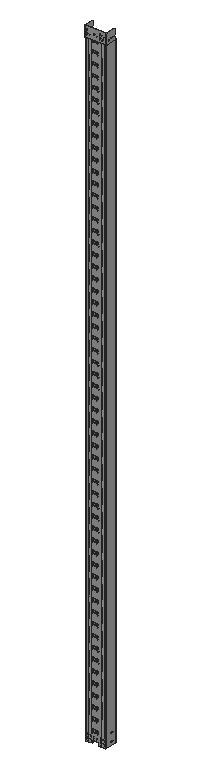
Revit family "Kabelrinne MKSM- MKSM 610 FS", category Generic Models, Revit 2017 (continued)
Forms (mm)
  Extrusion 123, void
    sketch origin (0, 0, 2643.465) x (1, 0, 0) y (0, 0, 1)
      loop
        arc (-33.825, 116.225) -> (-31, 113.4) -> (-28.175, 116.225) r 2.825
        line (-28.175, 116.225) -> (-28.175, 188.775)
        arc (-28.175, 188.775) -> (-31, 191.6) -> (-33.825, 188.775) r 2.825
        line (-33.825, 188.775) -> (-33.825, 116.225)
    from -1 to 3.839
  Extrusion 124, void
    sketch origin (0, 0, 2745.137) x (1, 0, 0) y (0, 0, 1)
      loop
        arc (-33.825, 116.225) -> (-31, 113.4) -> (-28.175, 116.225) r 2.825
        line (-28.175, 116.225) -> (-28.175, 188.775)
        arc (-28.175, 188.775) -> (-31, 191.6) -> (-33.825, 188.775) r 2.825
        line (-33.825, 188.775) -> (-33.825, 116.225)
    from -1 to 3.839
  Extrusion 125, void
    sketch origin (0, 0, 0) x (1, 0, 0) y (0, 0, 1)
      loop
        line (38, 29.85) -> (38, 36.35) -> (24, 36.35) -> (24, 29.85) -> (38, 29.85)
      loop
        line (38, 20.35) -> (24, 20.35) -> (24, 13.85) -> (38, 13.85) -> (38, 20.35)
    from -1 to 3.839
  Extrusion 126, void
    sketch origin (0, 0, 0) x (-1, 0, 0) y (0, 0, -1)
      loop
        line (38, -29.85) -> (24, -29.85) -> (24, -36.35) -> (38, -36.35) -> (38, -29.85)
      loop
        line (38, -20.35) -> (38, -13.85) -> (24, -13.85) -> (24, -20.35) -> (38, -20.35)
    from -1 to 3.839
  Extrusion 127, void
    sketch origin (0, 0, 0) x (1, 0, 0) y (0, 0, 1)
      loop
        arc (-5.988, 30.1) -> (-7.041, 29.047) -> (-5.988, 27.993) r 1.053
        line (-5.988, 27.993) -> (2.979, 27.1)
        arc (2.979, 27.1) -> (4.979, 25.1) -> (2.979, 23.1) r 2
        line (2.979, 23.1) -> (-5.986, 22.207)
        arc (-5.986, 22.207) -> (-7.04, 21.153) -> (-5.986, 20.1) r 1.053
        line (-5.986, 20.1) -> (6.032, 20.1)
        arc (6.032, 20.1) -> (6.74, 20.393) -> (7.032, 21.1) r 1
        line (7.032, 21.1) -> (7.032, 29.1)
        arc (7.032, 29.1) -> (6.74, 29.807) -> (6.032, 30.1) r 1
        line (6.032, 30.1) -> (-5.988, 30.1)
    from 0 to -1
  Extrusion 128, void
    sketch origin (0, 0, 0) x (0, 1, 0) y (0, 0, 1)
      loop
        line (14.722, 69.75) -> (14.722, 82.75)
        arc (14.722, 82.75) -> (11.222, 86.25) -> (7.722, 82.75) r 3.5
        line (7.722, 82.75) -> (7.722, 69.75)
        arc (7.722, 69.75) -> (11.222, 66.25) -> (14.722, 69.75) r 3.5
      loop
        line (39.722, 69.75) -> (39.722, 82.75)
        arc (39.722, 82.75) -> (36.222, 86.25) -> (32.722, 82.75) r 3.5
        line (32.722, 82.75) -> (32.722, 69.75)
        arc (32.722, 69.75) -> (36.222, 66.25) -> (39.722, 69.75) r 3.5
    from -49 to -50
  Extrusion 129, void
    sketch origin (0, 0, 50.789) x (0, 1, 0) y (0, 0, 1)
      loop
        line (14.722, 69.75) -> (14.722, 82.75)
        arc (14.722, 82.75) -> (11.222, 86.25) -> (7.722, 82.75) r 3.5
        line (7.722, 82.75) -> (7.722, 69.75)
        arc (7.722, 69.75) -> (11.222, 66.25) -> (14.722, 69.75) r 3.5
      loop
        line (39.722, 69.75) -> (39.722, 82.75)
        arc (39.722, 82.75) -> (36.222, 86.25) -> (32.722, 82.75) r 3.5
        line (32.722, 82.75) -> (32.722, 69.75)
        arc (32.722, 69.75) -> (36.222, 66.25) -> (39.722, 69.75) r 3.5
    from -49 to -50
  Extrusion 130, void
    sketch origin (0, 0, 101.577) x (0, 1, 0) y (0, 0, 1)
      loop
        line (14.722, 69.75) -> (14.722, 82.75)
        arc (14.722, 82.75) -> (11.222, 86.25) -> (7.722, 82.75) r 3.5
        line (7.722, 82.75) -> (7.722, 69.75)
        arc (7.722, 69.75) -> (11.222, 66.25) -> (14.722, 69.75) r 3.5
      loop
        line (39.722, 69.75) -> (39.722, 82.75)
        arc (39.722, 82.75) -> (36.222, 86.25) -> (32.722, 82.75) r 3.5
        line (32.722, 82.75) -> (32.722, 69.75)
        arc (32.722, 69.75) -> (36.222, 66.25) -> (39.722, 69.75) r 3.5
    from -49 to -50
  Extrusion 131, void
    sketch origin (0, 0, 152.366) x (0, 1, 0) y (0, 0, 1)
      loop
        line (14.722, 69.75) -> (14.722, 82.75)
        arc (14.722, 82.75) -> (11.222, 86.25) -> (7.722, 82.75) r 3.5
        line (7.722, 82.75) -> (7.722, 69.75)
        arc (7.722, 69.75) -> (11.222, 66.25) -> (14.722, 69.75) r 3.5
      loop
        line (39.722, 69.75) -> (39.722, 82.75)
        arc (39.722, 82.75) -> (36.222, 86.25) -> (32.722, 82.75) r 3.5
        line (32.722, 82.75) -> (32.722, 69.75)
        arc (32.722, 69.75) -> (36.222, 66.25) -> (39.722, 69.75) r 3.5
    from -49 to -50
  Extrusion 132, void
    sketch origin (0, 0, 203.155) x (0, 1, 0) y (0, 0, 1)
      loop
        line (14.722, 69.75) -> (14.722, 82.75)
        arc (14.722, 82.75) -> (11.222, 86.25) -> (7.722, 82.75) r 3.5
        line (7.722, 82.75) -> (7.722, 69.75)
        arc (7.722, 69.75) -> (11.222, 66.25) -> (14.722, 69.75) r 3.5
      loop
        line (39.722, 69.75) -> (39.722, 82.75)
        arc (39.722, 82.75) -> (36.222, 86.25) -> (32.722, 82.75) r 3.5
        line (32.722, 82.75) -> (32.722, 69.75)
        arc (32.722, 69.75) -> (36.222, 66.25) -> (39.722, 69.75) r 3.5
    from -49 to -50
  Extrusion 133, void
    sketch origin (0, 0, 253.943) x (0, 1, 0) y (0, 0, 1)
      loop
        line (14.722, 69.75) -> (14.722, 82.75)
        arc (14.722, 82.75) -> (11.222, 86.25) -> (7.722, 82.75) r 3.5
        line (7.722, 82.75) -> (7.722, 69.75)
        arc (7.722, 69.75) -> (11.222, 66.25) -> (14.722, 69.75) r 3.5
      loop
        line (39.722, 69.75) -> (39.722, 82.75)
        arc (39.722, 82.75) -> (36.222, 86.25) -> (32.722, 82.75) r 3.5
        line (32.722, 82.75) -> (32.722, 69.75)
        arc (32.722, 69.75) -> (36.222, 66.25) -> (39.722, 69.75) r 3.5
    from -49 to -50
  Extrusion 134, void
    sketch origin (0, 0, 304.732) x (0, 1, 0) y (0, 0, 1)
      loop
        line (14.722, 69.75) -> (14.722, 82.75)
        arc (14.722, 82.75) -> (11.222, 86.25) -> (7.722, 82.75) r 3.5
        line (7.722, 82.75) -> (7.722, 69.75)
        arc (7.722, 69.75) -> (11.222, 66.25) -> (14.722, 69.75) r 3.5
      loop
        line (39.722, 69.75) -> (39.722, 82.75)
        arc (39.722, 82.75) -> (36.222, 86.25) -> (32.722, 82.75) r 3.5
        line (32.722, 82.75) -> (32.722, 69.75)
        arc (32.722, 69.75) -> (36.222, 66.25) -> (39.722, 69.75) r 3.5
    from -49 to -50
  Extrusion 135, void
    sketch origin (0, 0, 355.521) x (0, 1, 0) y (0, 0, 1)
      loop
        line (14.722, 69.75) -> (14.722, 82.75)
        arc (14.722, 82.75) -> (11.222, 86.25) -> (7.722, 82.75) r 3.5
        line (7.722, 82.75) -> (7.722, 69.75)
        arc (7.722, 69.75) -> (11.222, 66.25) -> (14.722, 69.75) r 3.5
      loop
        line (39.722, 69.75) -> (39.722, 82.75)
        arc (39.722, 82.75) -> (36.222, 86.25) -> (32.722, 82.75) r 3.5
        line (32.722, 82.75) -> (32.722, 69.75)
        arc (32.722, 69.75) -> (36.222, 66.25) -> (39.722, 69.75) r 3.5
    from -49 to -50
  Extrusion 136, void
    sketch origin (0, 0, 406.309) x (0, 1, 0) y (0, 0, 1)
      loop
        line (14.722, 69.75) -> (14.722, 82.75)
        arc (14.722, 82.75) -> (11.222, 86.25) -> (7.722, 82.75) r 3.5
        line (7.722, 82.75) -> (7.722, 69.75)
        arc (7.722, 69.75) -> (11.222, 66.25) -> (14.722, 69.75) r 3.5
      loop
        line (39.722, 69.75) -> (39.722, 82.75)
        arc (39.722, 82.75) -> (36.222, 86.25) -> (32.722, 82.75) r 3.5
        line (32.722, 82.75) -> (32.722, 69.75)
        arc (32.722, 69.75) -> (36.222, 66.25) -> (39.722, 69.75) r 3.5
    from -49 to -50
  Extrusion 137, void
    sketch origin (0, 0, 457.098) x (0, 1, 0) y (0, 0, 1)
      loop
        line (14.722, 69.75) -> (14.722, 82.75)
        arc (14.722, 82.75) -> (11.222, 86.25) -> (7.722, 82.75) r 3.5
        line (7.722, 82.75) -> (7.722, 69.75)
        arc (7.722, 69.75) -> (11.222, 66.25) -> (14.722, 69.75) r 3.5
      loop
        line (39.722, 69.75) -> (39.722, 82.75)
        arc (39.722, 82.75) -> (36.222, 86.25) -> (32.722, 82.75) r 3.5
        line (32.722, 82.75) -> (32.722, 69.75)
        arc (32.722, 69.75) -> (36.222, 66.25) -> (39.722, 69.75) r 3.5
    from -49 to -50
  Extrusion 138, void
    sketch origin (0, 0, 507.887) x (0, 1, 0) y (0, 0, 1)
      loop
        line (14.722, 69.75) -> (14.722, 82.75)
        arc (14.722, 82.75) -> (11.222, 86.25) -> (7.722, 82.75) r 3.5
        line (7.722, 82.75) -> (7.722, 69.75)
        arc (7.722, 69.75) -> (11.222, 66.25) -> (14.722, 69.75) r 3.5
      loop
        line (39.722, 69.75) -> (39.722, 82.75)
        arc (39.722, 82.75) -> (36.222, 86.25) -> (32.722, 82.75) r 3.5
        line (32.722, 82.75) -> (32.722, 69.75)
        arc (32.722, 69.75) -> (36.222, 66.25) -> (39.722, 69.75) r 3.5
    from -49 to -50
  Extrusion 139, void
    sketch origin (0, 0, 558.675) x (0, 1, 0) y (0, 0, 1)
      loop
        line (14.722, 69.75) -> (14.722, 82.75)
        arc (14.722, 82.75) -> (11.222, 86.25) -> (7.722, 82.75) r 3.5
        line (7.722, 82.75) -> (7.722, 69.75)
        arc (7.722, 69.75) -> (11.222, 66.25) -> (14.722, 69.75) r 3.5
      loop
        line (39.722, 69.75) -> (39.722, 82.75)
        arc (39.722, 82.75) -> (36.222, 86.25) -> (32.722, 82.75) r 3.5
        line (32.722, 82.75) -> (32.722, 69.75)
        arc (32.722, 69.75) -> (36.222, 66.25) -> (39.722, 69.75) r 3.5
    from -49 to -50
  Extrusion 140, void
    sketch origin (0, 0, 609.464) x (0, 1, 0) y (0, 0, 1)
      loop
        line (14.722, 69.75) -> (14.722, 82.75)
        arc (14.722, 82.75) -> (11.222, 86.25) -> (7.722, 82.75) r 3.5
        line (7.722, 82.75) -> (7.722, 69.75)
        arc (7.722, 69.75) -> (11.222, 66.25) -> (14.722, 69.75) r 3.5
      loop
        line (39.722, 69.75) -> (39.722, 82.75)
        arc (39.722, 82.75) -> (36.222, 86.25) -> (32.722, 82.75) r 3.5
        line (32.722, 82.75) -> (32.722, 69.75)
        arc (32.722, 69.75) -> (36.222, 66.25) -> (39.722, 69.75) r 3.5
    from -49 to -50
  Extrusion 141, void
    sketch origin (0, 0, 660.253) x (0, 1, 0) y (0, 0, 1)
      loop
        line (14.722, 69.75) -> (14.722, 82.75)
        arc (14.722, 82.75) -> (11.222, 86.25) -> (7.722, 82.75) r 3.5
        line (7.722, 82.75) -> (7.722, 69.75)
        arc (7.722, 69.75) -> (11.222, 66.25) -> (14.722, 69.75) r 3.5
      loop
        line (39.722, 69.75) -> (39.722, 82.75)
        arc (39.722, 82.75) -> (36.222, 86.25) -> (32.722, 82.75) r 3.5
        line (32.722, 82.75) -> (32.722, 69.75)
        arc (32.722, 69.75) -> (36.222, 66.25) -> (39.722, 69.75) r 3.5
    from -49 to -50
  Extrusion 142, void
    sketch origin (0, 0, 711.042) x (0, 1, 0) y (0, 0, 1)
      loop
        line (14.722, 69.75) -> (14.722, 82.75)
        arc (14.722, 82.75) -> (11.222, 86.25) -> (7.722, 82.75) r 3.5
        line (7.722, 82.75) -> (7.722, 69.75)
        arc (7.722, 69.75) -> (11.222, 66.25) -> (14.722, 69.75) r 3.5
      loop
        line (39.722, 69.75) -> (39.722, 82.75)
        arc (39.722, 82.75) -> (36.222, 86.25) -> (32.722, 82.75) r 3.5
        line (32.722, 82.75) -> (32.722, 69.75)
        arc (32.722, 69.75) -> (36.222, 66.25) -> (39.722, 69.75) r 3.5
    from -49 to -50
  Extrusion 143, void
    sketch origin (0, 0, 761.83) x (0, 1, 0) y (0, 0, 1)
      loop
        line (14.722, 69.75) -> (14.722, 82.75)
        arc (14.722, 82.75) -> (11.222, 86.25) -> (7.722, 82.75) r 3.5
        line (7.722, 82.75) -> (7.722, 69.75)
        arc (7.722, 69.75) -> (11.222, 66.25) -> (14.722, 69.75) r 3.5
      loop
        line (39.722, 69.75) -> (39.722, 82.75)
        arc (39.722, 82.75) -> (36.222, 86.25) -> (32.722, 82.75) r 3.5
        line (32.722, 82.75) -> (32.722, 69.75)
        arc (32.722, 69.75) -> (36.222, 66.25) -> (39.722, 69.75) r 3.5
    from -49 to -50
  Extrusion 144, void
    sketch origin (0, 0, 812.619) x (0, 1, 0) y (0, 0, 1)
      loop
        line (14.722, 69.75) -> (14.722, 82.75)
        arc (14.722, 82.75) -> (11.222, 86.25) -> (7.722, 82.75) r 3.5
        line (7.722, 82.75) -> (7.722, 69.75)
        arc (7.722, 69.75) -> (11.222, 66.25) -> (14.722, 69.75) r 3.5
      loop
        line (39.722, 69.75) -> (39.722, 82.75)
        arc (39.722, 82.75) -> (36.222, 86.25) -> (32.722, 82.75) r 3.5
        line (32.722, 82.75) -> (32.722, 69.75)
        arc (32.722, 69.75) -> (36.222, 66.25) -> (39.722, 69.75) r 3.5
    from -49 to -50
  Extrusion 145, void
    sketch origin (0, 0, 863.408) x (0, 1, 0) y (0, 0, 1)
      loop
        line (14.722, 69.75) -> (14.722, 82.75)
        arc (14.722, 82.75) -> (11.222, 86.25) -> (7.722, 82.75) r 3.5
        line (7.722, 82.75) -> (7.722, 69.75)
        arc (7.722, 69.75) -> (11.222, 66.25) -> (14.722, 69.75) r 3.5
      loop
        line (39.722, 69.75) -> (39.722, 82.75)
        arc (39.722, 82.75) -> (36.222, 86.25) -> (32.722, 82.75) r 3.5
        line (32.722, 82.75) -> (32.722, 69.75)
        arc (32.722, 69.75) -> (36.222, 66.25) -> (39.722, 69.75) r 3.5
    from -49 to -50
  Extrusion 146, void
    sketch origin (0, 0, 914.196) x (0, 1, 0) y (0, 0, 1)
      loop
        line (14.722, 69.75) -> (14.722, 82.75)
        arc (14.722, 82.75) -> (11.222, 86.25) -> (7.722, 82.75) r 3.5
        line (7.722, 82.75) -> (7.722, 69.75)
        arc (7.722, 69.75) -> (11.222, 66.25) -> (14.722, 69.75) r 3.5
      loop
        line (39.722, 69.75) -> (39.722, 82.75)
        arc (39.722, 82.75) -> (36.222, 86.25) -> (32.722, 82.75) r 3.5
        line (32.722, 82.75) -> (32.722, 69.75)
        arc (32.722, 69.75) -> (36.222, 66.25) -> (39.722, 69.75) r 3.5
    from -49 to -50
  Extrusion 147, void
    sketch origin (0, 0, 964.985) x (0, 1, 0) y (0, 0, 1)
      loop
        line (14.722, 69.75) -> (14.722, 82.75)
        arc (14.722, 82.75) -> (11.222, 86.25) -> (7.722, 82.75) r 3.5
        line (7.722, 82.75) -> (7.722, 69.75)
        arc (7.722, 69.75) -> (11.222, 66.25) -> (14.722, 69.75) r 3.5
      loop
        line (39.722, 69.75) -> (39.722, 82.75)
        arc (39.722, 82.75) -> (36.222, 86.25) -> (32.722, 82.75) r 3.5
        line (32.722, 82.75) -> (32.722, 69.75)
        arc (32.722, 69.75) -> (36.222, 66.25) -> (39.722, 69.75) r 3.5
    from -49 to -50
  Extrusion 148, void
    sketch origin (0, 0, 1015.774) x (0, 1, 0) y (0, 0, 1)
      loop
        line (14.722, 69.75) -> (14.722, 82.75)
        arc (14.722, 82.75) -> (11.222, 86.25) -> (7.722, 82.75) r 3.5
        line (7.722, 82.75) -> (7.722, 69.75)
        arc (7.722, 69.75) -> (11.222, 66.25) -> (14.722, 69.75) r 3.5
      loop
        line (39.722, 69.75) -> (39.722, 82.75)
        arc (39.722, 82.75) -> (36.222, 86.25) -> (32.722, 82.75) r 3.5
        line (32.722, 82.75) -> (32.722, 69.75)
        arc (32.722, 69.75) -> (36.222, 66.25) -> (39.722, 69.75) r 3.5
    from -49 to -50
  Extrusion 149, void
    sketch origin (0, 0, 1066.562) x (0, 1, 0) y (0, 0, 1)
      loop
        line (14.722, 69.75) -> (14.722, 82.75)
        arc (14.722, 82.75) -> (11.222, 86.25) -> (7.722, 82.75) r 3.5
        line (7.722, 82.75) -> (7.722, 69.75)
        arc (7.722, 69.75) -> (11.222, 66.25) -> (14.722, 69.75) r 3.5
      loop
        line (39.722, 69.75) -> (39.722, 82.75)
        arc (39.722, 82.75) -> (36.222, 86.25) -> (32.722, 82.75) r 3.5
        line (32.722, 82.75) -> (32.722, 69.75)
        arc (32.722, 69.75) -> (36.222, 66.25) -> (39.722, 69.75) r 3.5
    from -49 to -50
  Extrusion 150, void
    sketch origin (0, 0, 1117.351) x (0, 1, 0) y (0, 0, 1)
      loop
        line (14.722, 69.75) -> (14.722, 82.75)
        arc (14.722, 82.75) -> (11.222, 86.25) -> (7.722, 82.75) r 3.5
        line (7.722, 82.75) -> (7.722, 69.75)
        arc (7.722, 69.75) -> (11.222, 66.25) -> (14.722, 69.75) r 3.5
      loop
        line (39.722, 69.75) -> (39.722, 82.75)
        arc (39.722, 82.75) -> (36.222, 86.25) -> (32.722, 82.75) r 3.5
        line (32.722, 82.75) -> (32.722, 69.75)
        arc (32.722, 69.75) -> (36.222, 66.25) -> (39.722, 69.75) r 3.5
    from -49 to -50
  Extrusion 151, void
    sketch origin (0, 0, 1168.14) x (0, 1, 0) y (0, 0, 1)
      loop
        line (14.722, 69.75) -> (14.722, 82.75)
        arc (14.722, 82.75) -> (11.222, 86.25) -> (7.722, 82.75) r 3.5
        line (7.722, 82.75) -> (7.722, 69.75)
        arc (7.722, 69.75) -> (11.222, 66.25) -> (14.722, 69.75) r 3.5
      loop
        line (39.722, 69.75) -> (39.722, 82.75)
        arc (39.722, 82.75) -> (36.222, 86.25) -> (32.722, 82.75) r 3.5
        line (32.722, 82.75) -> (32.722, 69.75)
        arc (32.722, 69.75) -> (36.222, 66.25) -> (39.722, 69.75) r 3.5
    from -49 to -50
  Extrusion 152, void
    sketch origin (0, 0, 1218.928) x (0, 1, 0) y (0, 0, 1)
      loop
        line (14.722, 69.75) -> (14.722, 82.75)
        arc (14.722, 82.75) -> (11.222, 86.25) -> (7.722, 82.75) r 3.5
        line (7.722, 82.75) -> (7.722, 69.75)
        arc (7.722, 69.75) -> (11.222, 66.25) -> (14.722, 69.75) r 3.5
      loop
        line (39.722, 69.75) -> (39.722, 82.75)
        arc (39.722, 82.75) -> (36.222, 86.25) -> (32.722, 82.75) r 3.5
        line (32.722, 82.75) -> (32.722, 69.75)
        arc (32.722, 69.75) -> (36.222, 66.25) -> (39.722, 69.75) r 3.5
    from -49 to -50
  Extrusion 153, void
    sketch origin (0, 0, 1269.717) x (0, 1, 0) y (0, 0, 1)
      loop
        line (14.722, 69.75) -> (14.722, 82.75)
        arc (14.722, 82.75) -> (11.222, 86.25) -> (7.722, 82.75) r 3.5
        line (7.722, 82.75) -> (7.722, 69.75)
        arc (7.722, 69.75) -> (11.222, 66.25) -> (14.722, 69.75) r 3.5
      loop
        line (39.722, 69.75) -> (39.722, 82.75)
        arc (39.722, 82.75) -> (36.222, 86.25) -> (32.722, 82.75) r 3.5
        line (32.722, 82.75) -> (32.722, 69.75)
        arc (32.722, 69.75) -> (36.222, 66.25) -> (39.722, 69.75) r 3.5
    from -49 to -50
  Extrusion 154, void
    sketch origin (0, 0, 1320.506) x (0, 1, 0) y (0, 0, 1)
      loop
        line (14.722, 69.75) -> (14.722, 82.75)
        arc (14.722, 82.75) -> (11.222, 86.25) -> (7.722, 82.75) r 3.5
        line (7.722, 82.75) -> (7.722, 69.75)
        arc (7.722, 69.75) -> (11.222, 66.25) -> (14.722, 69.75) r 3.5
      loop
        line (39.722, 69.75) -> (39.722, 82.75)
        arc (39.722, 82.75) -> (36.222, 86.25) -> (32.722, 82.75) r 3.5
        line (32.722, 82.75) -> (32.722, 69.75)
        arc (32.722, 69.75) -> (36.222, 66.25) -> (39.722, 69.75) r 3.5
    from -49 to -50
  Extrusion 155, void
    sketch origin (0, 0, 1371.294) x (0, 1, 0) y (0, 0, 1)
      loop
        line (14.722, 69.75) -> (14.722, 82.75)
        arc (14.722, 82.75) -> (11.222, 86.25) -> (7.722, 82.75) r 3.5
        line (7.722, 82.75) -> (7.722, 69.75)
        arc (7.722, 69.75) -> (11.222, 66.25) -> (14.722, 69.75) r 3.5
      loop
        line (39.722, 69.75) -> (39.722, 82.75)
        arc (39.722, 82.75) -> (36.222, 86.25) -> (32.722, 82.75) r 3.5
        line (32.722, 82.75) -> (32.722, 69.75)
        arc (32.722, 69.75) -> (36.222, 66.25) -> (39.722, 69.75) r 3.5
    from -49 to -50
  Extrusion 156, void
    sketch origin (0, 0, 1422.083) x (0, 1, 0) y (0, 0, 1)
      loop
        line (14.722, 69.75) -> (14.722, 82.75)
        arc (14.722, 82.75) -> (11.222, 86.25) -> (7.722, 82.75) r 3.5
        line (7.722, 82.75) -> (7.722, 69.75)
        arc (7.722, 69.75) -> (11.222, 66.25) -> (14.722, 69.75) r 3.5
      loop
        line (39.722, 69.75) -> (39.722, 82.75)
        arc (39.722, 82.75) -> (36.222, 86.25) -> (32.722, 82.75) r 3.5
        line (32.722, 82.75) -> (32.722, 69.75)
        arc (32.722, 69.75) -> (36.222, 66.25) -> (39.722, 69.75) r 3.5
    from -49 to -50
  Extrusion 157, void
    sketch origin (0, 0, 1472.872) x (0, 1, 0) y (0, 0, 1)
      loop
        line (14.722, 69.75) -> (14.722, 82.75)
        arc (14.722, 82.75) -> (11.222, 86.25) -> (7.722, 82.75) r 3.5
        line (7.722, 82.75) -> (7.722, 69.75)
        arc (7.722, 69.75) -> (11.222, 66.25) -> (14.722, 69.75) r 3.5
      loop
        line (39.722, 69.75) -> (39.722, 82.75)
        arc (39.722, 82.75) -> (36.222, 86.25) -> (32.722, 82.75) r 3.5
        line (32.722, 82.75) -> (32.722, 69.75)
        arc (32.722, 69.75) -> (36.222, 66.25) -> (39.722, 69.75) r 3.5
    from -49 to -50
  Extrusion 158, void
    sketch origin (0, 0, 1523.66) x (0, 1, 0) y (0, 0, 1)
      loop
        line (14.722, 69.75) -> (14.722, 82.75)
        arc (14.722, 82.75) -> (11.222, 86.25) -> (7.722, 82.75) r 3.5
        line (7.722, 82.75) -> (7.722, 69.75)
        arc (7.722, 69.75) -> (11.222, 66.25) -> (14.722, 69.75) r 3.5
      loop
        line (39.722, 69.75) -> (39.722, 82.75)
        arc (39.722, 82.75) -> (36.222, 86.25) -> (32.722, 82.75) r 3.5
        line (32.722, 82.75) -> (32.722, 69.75)
        arc (32.722, 69.75) -> (36.222, 66.25) -> (39.722, 69.75) r 3.5
    from -49 to -50
  Extrusion 159, void
    sketch origin (0, 0, 1574.449) x (0, 1, 0) y (0, 0, 1)
      loop
        line (14.722, 69.75) -> (14.722, 82.75)
        arc (14.722, 82.75) -> (11.222, 86.25) -> (7.722, 82.75) r 3.5
        line (7.722, 82.75) -> (7.722, 69.75)
        arc (7.722, 69.75) -> (11.222, 66.25) -> (14.722, 69.75) r 3.5
      loop
        line (39.722, 69.75) -> (39.722, 82.75)
        arc (39.722, 82.75) -> (36.222, 86.25) -> (32.722, 82.75) r 3.5
        line (32.722, 82.75) -> (32.722, 69.75)
        arc (32.722, 69.75) -> (36.222, 66.25) -> (39.722, 69.75) r 3.5
    from -49 to -50
  Extrusion 160, void
    sketch origin (0, 0, 1625.238) x (0, 1, 0) y (0, 0, 1)
      loop
        line (14.722, 69.75) -> (14.722, 82.75)
        arc (14.722, 82.75) -> (11.222, 86.25) -> (7.722, 82.75) r 3.5
        line (7.722, 82.75) -> (7.722, 69.75)
        arc (7.722, 69.75) -> (11.222, 66.25) -> (14.722, 69.75) r 3.5
      loop
        line (39.722, 69.75) -> (39.722, 82.75)
        arc (39.722, 82.75) -> (36.222, 86.25) -> (32.722, 82.75) r 3.5
        line (32.722, 82.75) -> (32.722, 69.75)
        arc (32.722, 69.75) -> (36.222, 66.25) -> (39.722, 69.75) r 3.5
    from -49 to -50
  Extrusion 161, void
    sketch origin (0, 0, 1676.026) x (0, 1, 0) y (0, 0, 1)
      loop
        line (14.722, 69.75) -> (14.722, 82.75)
        arc (14.722, 82.75) -> (11.222, 86.25) -> (7.722, 82.75) r 3.5
        line (7.722, 82.75) -> (7.722, 69.75)
        arc (7.722, 69.75) -> (11.222, 66.25) -> (14.722, 69.75) r 3.5
      loop
        line (39.722, 69.75) -> (39.722, 82.75)
        arc (39.722, 82.75) -> (36.222, 86.25) -> (32.722, 82.75) r 3.5
        line (32.722, 82.75) -> (32.722, 69.75)
        arc (32.722, 69.75) -> (36.222, 66.25) -> (39.722, 69.75) r 3.5
    from -49 to -50
  Extrusion 162, void
    sketch origin (0, 0, 1726.815) x (0, 1, 0) y (0, 0, 1)
      loop
        line (14.722, 69.75) -> (14.722, 82.75)
        arc (14.722, 82.75) -> (11.222, 86.25) -> (7.722, 82.75) r 3.5
        line (7.722, 82.75) -> (7.722, 69.75)
        arc (7.722, 69.75) -> (11.222, 66.25) -> (14.722, 69.75) r 3.5
      loop
        line (39.722, 69.75) -> (39.722, 82.75)
        arc (39.722, 82.75) -> (36.222, 86.25) -> (32.722, 82.75) r 3.5
        line (32.722, 82.75) -> (32.722, 69.75)
        arc (32.722, 69.75) -> (36.222, 66.25) -> (39.722, 69.75) r 3.5
    from -49 to -50
  Extrusion 163, void
    sketch origin (0, 0, 1777.604) x (0, 1, 0) y (0, 0, 1)
      loop
        line (14.722, 69.75) -> (14.722, 82.75)
        arc (14.722, 82.75) -> (11.222, 86.25) -> (7.722, 82.75) r 3.5
        line (7.722, 82.75) -> (7.722, 69.75)
        arc (7.722, 69.75) -> (11.222, 66.25) -> (14.722, 69.75) r 3.5
      loop
        line (39.722, 69.75) -> (39.722, 82.75)
        arc (39.722, 82.75) -> (36.222, 86.25) -> (32.722, 82.75) r 3.5
        line (32.722, 82.75) -> (32.722, 69.75)
        arc (32.722, 69.75) -> (36.222, 66.25) -> (39.722, 69.75) r 3.5
    from -49 to -50
  Extrusion 164, void
    sketch origin (0, 0, 1828.392) x (0, 1, 0) y (0, 0, 1)
      loop
        line (14.722, 69.75) -> (14.722, 82.75)
        arc (14.722, 82.75) -> (11.222, 86.25) -> (7.722, 82.75) r 3.5
        line (7.722, 82.75) -> (7.722, 69.75)
        arc (7.722, 69.75) -> (11.222, 66.25) -> (14.722, 69.75) r 3.5
      loop
        line (39.722, 69.75) -> (39.722, 82.75)
        arc (39.722, 82.75) -> (36.222, 86.25) -> (32.722, 82.75) r 3.5
        line (32.722, 82.75) -> (32.722, 69.75)
        arc (32.722, 69.75) -> (36.222, 66.25) -> (39.722, 69.75) r 3.5
    from -49 to -50
  Extrusion 165, void
    sketch origin (0, 0, 1879.181) x (0, 1, 0) y (0, 0, 1)
      loop
        line (14.722, 69.75) -> (14.722, 82.75)
        arc (14.722, 82.75) -> (11.222, 86.25) -> (7.722, 82.75) r 3.5
        line (7.722, 82.75) -> (7.722, 69.75)
        arc (7.722, 69.75) -> (11.222, 66.25) -> (14.722, 69.75) r 3.5
      loop
        line (39.722, 69.75) -> (39.722, 82.75)
        arc (39.722, 82.75) -> (36.222, 86.25) -> (32.722, 82.75) r 3.5
        line (32.722, 82.75) -> (32.722, 69.75)
        arc (32.722, 69.75) -> (36.222, 66.25) -> (39.722, 69.75) r 3.5
    from -49 to -50
  Extrusion 166, void
    sketch origin (0, 0, 1929.97) x (0, 1, 0) y (0, 0, 1)
      loop
        line (14.722, 69.75) -> (14.722, 82.75)
        arc (14.722, 82.75) -> (11.222, 86.25) -> (7.722, 82.75) r 3.5
        line (7.722, 82.75) -> (7.722, 69.75)
        arc (7.722, 69.75) -> (11.222, 66.25) -> (14.722, 69.75) r 3.5
      loop
        line (39.722, 69.75) -> (39.722, 82.75)
        arc (39.722, 82.75) -> (36.222, 86.25) -> (32.722, 82.75) r 3.5
        line (32.722, 82.75) -> (32.722, 69.75)
        arc (32.722, 69.75) -> (36.222, 66.25) -> (39.722, 69.75) r 3.5
    from -49 to -50
  Extrusion 167, void
    sketch origin (0, 0, 1980.759) x (0, 1, 0) y (0, 0, 1)
      loop
        line (14.722, 69.75) -> (14.722, 82.75)
        arc (14.722, 82.75) -> (11.222, 86.25) -> (7.722, 82.75) r 3.5
        line (7.722, 82.75) -> (7.722, 69.75)
        arc (7.722, 69.75) -> (11.222, 66.25) -> (14.722, 69.75) r 3.5
      loop
        line (39.722, 69.75) -> (39.722, 82.75)
        arc (39.722, 82.75) -> (36.222, 86.25) -> (32.722, 82.75) r 3.5
        line (32.722, 82.75) -> (32.722, 69.75)
        arc (32.722, 69.75) -> (36.222, 66.25) -> (39.722, 69.75) r 3.5
    from -49 to -50
  Extrusion 168, void
    sketch origin (0, 0, 2031.547) x (0, 1, 0) y (0, 0, 1)
      loop
        line (14.722, 69.75) -> (14.722, 82.75)
        arc (14.722, 82.75) -> (11.222, 86.25) -> (7.722, 82.75) r 3.5
        line (7.722, 82.75) -> (7.722, 69.75)
        arc (7.722, 69.75) -> (11.222, 66.25) -> (14.722, 69.75) r 3.5
      loop
        line (39.722, 69.75) -> (39.722, 82.75)
        arc (39.722, 82.75) -> (36.222, 86.25) -> (32.722, 82.75) r 3.5
        line (32.722, 82.75) -> (32.722, 69.75)
        arc (32.722, 69.75) -> (36.222, 66.25) -> (39.722, 69.75) r 3.5
    from -49 to -50
  Extrusion 169, void
    sketch origin (0, 0, 2082.336) x (0, 1, 0) y (0, 0, 1)
      loop
        line (14.722, 69.75) -> (14.722, 82.75)
        arc (14.722, 82.75) -> (11.222, 86.25) -> (7.722, 82.75) r 3.5
        line (7.722, 82.75) -> (7.722, 69.75)
        arc (7.722, 69.75) -> (11.222, 66.25) -> (14.722, 69.75) r 3.5
      loop
        line (39.722, 69.75) -> (39.722, 82.75)
        arc (39.722, 82.75) -> (36.222, 86.25) -> (32.722, 82.75) r 3.5
        line (32.722, 82.75) -> (32.722, 69.75)
        arc (32.722, 69.75) -> (36.222, 66.25) -> (39.722, 69.75) r 3.5
    from -49 to -50
  Extrusion 170, void
    sketch origin (0, 0, 2133.125) x (0, 1, 0) y (0, 0, 1)
      loop
        line (14.722, 69.75) -> (14.722, 82.75)
        arc (14.722, 82.75) -> (11.222, 86.25) -> (7.722, 82.75) r 3.5
        line (7.722, 82.75) -> (7.722, 69.75)
        arc (7.722, 69.75) -> (11.222, 66.25) -> (14.722, 69.75) r 3.5
      loop
        line (39.722, 69.75) -> (39.722, 82.75)
        arc (39.722, 82.75) -> (36.222, 86.25) -> (32.722, 82.75) r 3.5
        line (32.722, 82.75) -> (32.722, 69.75)
        arc (32.722, 69.75) -> (36.222, 66.25) -> (39.722, 69.75) r 3.5
    from -49 to -50
  Extrusion 171, void
    sketch origin (0, 0, 2183.913) x (0, 1, 0) y (0, 0, 1)
      loop
        line (14.722, 69.75) -> (14.722, 82.75)
        arc (14.722, 82.75) -> (11.222, 86.25) -> (7.722, 82.75) r 3.5
        line (7.722, 82.75) -> (7.722, 69.75)
        arc (7.722, 69.75) -> (11.222, 66.25) -> (14.722, 69.75) r 3.5
      loop
        line (39.722, 69.75) -> (39.722, 82.75)
        arc (39.722, 82.75) -> (36.222, 86.25) -> (32.722, 82.75) r 3.5
        line (32.722, 82.75) -> (32.722, 69.75)
        arc (32.722, 69.75) -> (36.222, 66.25) -> (39.722, 69.75) r 3.5
    from -49 to -50
  Extrusion 172, void
    sketch origin (0, 0, 2234.702) x (0, 1, 0) y (0, 0, 1)
      loop
        line (14.722, 69.75) -> (14.722, 82.75)
        arc (14.722, 82.75) -> (11.222, 86.25) -> (7.722, 82.75) r 3.5
        line (7.722, 82.75) -> (7.722, 69.75)
        arc (7.722, 69.75) -> (11.222, 66.25) -> (14.722, 69.75) r 3.5
      loop
        line (39.722, 69.75) -> (39.722, 82.75)
        arc (39.722, 82.75) -> (36.222, 86.25) -> (32.722, 82.75) r 3.5
        line (32.722, 82.75) -> (32.722, 69.75)
        arc (32.722, 69.75) -> (36.222, 66.25) -> (39.722, 69.75) r 3.5
    from -49 to -50
  Extrusion 173, void
    sketch origin (0, 0, 2285.491) x (0, 1, 0) y (0, 0, 1)
      loop
        line (14.722, 69.75) -> (14.722, 82.75)
        arc (14.722, 82.75) -> (11.222, 86.25) -> (7.722, 82.75) r 3.5
        line (7.722, 82.75) -> (7.722, 69.75)
        arc (7.722, 69.75) -> (11.222, 66.25) -> (14.722, 69.75) r 3.5
      loop
        line (39.722, 69.75) -> (39.722, 82.75)
        arc (39.722, 82.75) -> (36.222, 86.25) -> (32.722, 82.75) r 3.5
        line (32.722, 82.75) -> (32.722, 69.75)
        arc (32.722, 69.75) -> (36.222, 66.25) -> (39.722, 69.75) r 3.5
    from -49 to -50
  Extrusion 174, void
    sketch origin (0, 0, 2336.279) x (0, 1, 0) y (0, 0, 1)
      loop
        line (14.722, 69.75) -> (14.722, 82.75)
        arc (14.722, 82.75) -> (11.222, 86.25) -> (7.722, 82.75) r 3.5
        line (7.722, 82.75) -> (7.722, 69.75)
        arc (7.722, 69.75) -> (11.222, 66.25) -> (14.722, 69.75) r 3.5
      loop
        line (39.722, 69.75) -> (39.722, 82.75)
        arc (39.722, 82.75) -> (36.222, 86.25) -> (32.722, 82.75) r 3.5
        line (32.722, 82.75) -> (32.722, 69.75)
        arc (32.722, 69.75) -> (36.222, 66.25) -> (39.722, 69.75) r 3.5
    from -49 to -50
  Extrusion 175, void
    sketch origin (0, 0, 2387.068) x (0, 1, 0) y (0, 0, 1)
      loop
        line (14.722, 69.75) -> (14.722, 82.75)
        arc (14.722, 82.75) -> (11.222, 86.25) -> (7.722, 82.75) r 3.5
        line (7.722, 82.75) -> (7.722, 69.75)
        arc (7.722, 69.75) -> (11.222, 66.25) -> (14.722, 69.75) r 3.5
      loop
        line (39.722, 69.75) -> (39.722, 82.75)
        arc (39.722, 82.75) -> (36.222, 86.25) -> (32.722, 82.75) r 3.5
        line (32.722, 82.75) -> (32.722, 69.75)
        arc (32.722, 69.75) -> (36.222, 66.25) -> (39.722, 69.75) r 3.5
    from -49 to -50
  Extrusion 176, void
    sketch origin (0, 0, 2437.857) x (0, 1, 0) y (0, 0, 1)
      loop
        line (14.722, 69.75) -> (14.722, 82.75)
        arc (14.722, 82.75) -> (11.222, 86.25) -> (7.722, 82.75) r 3.5
        line (7.722, 82.75) -> (7.722, 69.75)
        arc (7.722, 69.75) -> (11.222, 66.25) -> (14.722, 69.75) r 3.5
      loop
        line (39.722, 69.75) -> (39.722, 82.75)
        arc (39.722, 82.75) -> (36.222, 86.25) -> (32.722, 82.75) r 3.5
        line (32.722, 82.75) -> (32.722, 69.75)
        arc (32.722, 69.75) -> (36.222, 66.25) -> (39.722, 69.75) r 3.5
    from -49 to -50
  Extrusion 177, void
    sketch origin (0, 0, 2488.645) x (0, 1, 0) y (0, 0, 1)
      loop
        line (14.722, 69.75) -> (14.722, 82.75)
        arc (14.722, 82.75) -> (11.222, 86.25) -> (7.722, 82.75) r 3.5
        line (7.722, 82.75) -> (7.722, 69.75)
        arc (7.722, 69.75) -> (11.222, 66.25) -> (14.722, 69.75) r 3.5
      loop
        line (39.722, 69.75) -> (39.722, 82.75)
        arc (39.722, 82.75) -> (36.222, 86.25) -> (32.722, 82.75) r 3.5
        line (32.722, 82.75) -> (32.722, 69.75)
        arc (32.722, 69.75) -> (36.222, 66.25) -> (39.722, 69.75) r 3.5
    from -49 to -50
  Extrusion 178, void
    sketch origin (0, 0, 2539.434) x (0, 1, 0) y (0, 0, 1)
      loop
        line (14.722, 69.75) -> (14.722, 82.75)
        arc (14.722, 82.75) -> (11.222, 86.25) -> (7.722, 82.75) r 3.5
        line (7.722, 82.75) -> (7.722, 69.75)
        arc (7.722, 69.75) -> (11.222, 66.25) -> (14.722, 69.75) r 3.5
      loop
        line (39.722, 69.75) -> (39.722, 82.75)
        arc (39.722, 82.75) -> (36.222, 86.25) -> (32.722, 82.75) r 3.5
        line (32.722, 82.75) -> (32.722, 69.75)
        arc (32.722, 69.75) -> (36.222, 66.25) -> (39.722, 69.75) r 3.5
    from -49 to -50
  Extrusion 179, void
    sketch origin (0, 0, 2590.223) x (0, 1, 0) y (0, 0, 1)
      loop
        line (14.722, 69.75) -> (14.722, 82.75)
        arc (14.722, 82.75) -> (11.222, 86.25) -> (7.722, 82.75) r 3.5
        line (7.722, 82.75) -> (7.722, 69.75)
        arc (7.722, 69.75) -> (11.222, 66.25) -> (14.722, 69.75) r 3.5
      loop
        line (39.722, 69.75) -> (39.722, 82.75)
        arc (39.722, 82.75) -> (36.222, 86.25) -> (32.722, 82.75) r 3.5
        line (32.722, 82.75) -> (32.722, 69.75)
        arc (32.722, 69.75) -> (36.222, 66.25) -> (39.722, 69.75) r 3.5
    from -49 to -50
  Extrusion 180, void
    sketch origin (0, 0, 2641.011) x (0, 1, 0) y (0, 0, 1)
      loop
        line (14.722, 69.75) -> (14.722, 82.75)
        arc (14.722, 82.75) -> (11.222, 86.25) -> (7.722, 82.75) r 3.5
        line (7.722, 82.75) -> (7.722, 69.75)
        arc (7.722, 69.75) -> (11.222, 66.25) -> (14.722, 69.75) r 3.5
      loop
        line (39.722, 69.75) -> (39.722, 82.75)
        arc (39.722, 82.75) -> (36.222, 86.25) -> (32.722, 82.75) r 3.5
        line (32.722, 82.75) -> (32.722, 69.75)
        arc (32.722, 69.75) -> (36.222, 66.25) -> (39.722, 69.75) r 3.5
    from -49 to -50
  Extrusion 181, void
    sketch origin (0, 0, 2691.8) x (0, 1, 0) y (0, 0, 1)
      loop
        line (14.722, 69.75) -> (14.722, 82.75)
        arc (14.722, 82.75) -> (11.222, 86.25) -> (7.722, 82.75) r 3.5
        line (7.722, 82.75) -> (7.722, 69.75)
        arc (7.722, 69.75) -> (11.222, 66.25) -> (14.722, 69.75) r 3.5
      loop
        line (39.722, 69.75) -> (39.722, 82.75)
        arc (39.722, 82.75) -> (36.222, 86.25) -> (32.722, 82.75) r 3.5
        line (32.722, 82.75) -> (32.722, 69.75)
        arc (32.722, 69.75) -> (36.222, 66.25) -> (39.722, 69.75) r 3.5
    from -49 to -50
  Extrusion 182, void
    sketch origin (0, 0, 2742.589) x (0, 1, 0) y (0, 0, 1)
      loop
        line (14.722, 69.75) -> (14.722, 82.75)
        arc (14.722, 82.75) -> (11.222, 86.25) -> (7.722, 82.75) r 3.5
        line (7.722, 82.75) -> (7.722, 69.75)
        arc (7.722, 69.75) -> (11.222, 66.25) -> (14.722, 69.75) r 3.5
      loop
        line (39.722, 69.75) -> (39.722, 82.75)
        arc (39.722, 82.75) -> (36.222, 86.25) -> (32.722, 82.75) r 3.5
        line (32.722, 82.75) -> (32.722, 69.75)
        arc (32.722, 69.75) -> (36.222, 66.25) -> (39.722, 69.75) r 3.5
    from -49 to -50
  Extrusion 183, void
    sketch origin (0, 0, 2793.377) x (0, 1, 0) y (0, 0, 1)
      loop
        line (14.722, 69.75) -> (14.722, 82.75)
        arc (14.722, 82.75) -> (11.222, 86.25) -> (7.722, 82.75) r 3.5
        line (7.722, 82.75) -> (7.722, 69.75)
        arc (7.722, 69.75) -> (11.222, 66.25) -> (14.722, 69.75) r 3.5
      loop
        line (39.722, 69.75) -> (39.722, 82.75)
        arc (39.722, 82.75) -> (36.222, 86.25) -> (32.722, 82.75) r 3.5
        line (32.722, 82.75) -> (32.722, 69.75)
        arc (32.722, 69.75) -> (36.222, 66.25) -> (39.722, 69.75) r 3.5
    from -49 to -50
  Extrusion 184, void
    sketch origin (0, 0, 2844.166) x (0, 1, 0) y (0, 0, 1)
      loop
        line (14.722, 69.75) -> (14.722, 82.75)
        arc (14.722, 82.75) -> (11.222, 86.25) -> (7.722, 82.75) r 3.5
        line (7.722, 82.75) -> (7.722, 69.75)
        arc (7.722, 69.75) -> (11.222, 66.25) -> (14.722, 69.75) r 3.5
      loop
        line (39.722, 69.75) -> (39.722, 82.75)
        arc (39.722, 82.75) -> (36.222, 86.25) -> (32.722, 82.75) r 3.5
        line (32.722, 82.75) -> (32.722, 69.75)
        arc (32.722, 69.75) -> (36.222, 66.25) -> (39.722, 69.75) r 3.5
    from -49 to -50
  Extrusion 185, void
    sketch origin (0, 0, 2894.955) x (0, 1, 0) y (0, 0, 1)
      loop
        line (14.722, 69.75) -> (14.722, 82.75)
        arc (14.722, 82.75) -> (11.222, 86.25) -> (7.722, 82.75) r 3.5
        line (7.722, 82.75) -> (7.722, 69.75)
        arc (7.722, 69.75) -> (11.222, 66.25) -> (14.722, 69.75) r 3.5
      loop
        line (39.722, 69.75) -> (39.722, 82.75)
        arc (39.722, 82.75) -> (36.222, 86.25) -> (32.722, 82.75) r 3.5
        line (32.722, 82.75) -> (32.722, 69.75)
        arc (32.722, 69.75) -> (36.222, 66.25) -> (39.722, 69.75) r 3.5
    from -49 to -50
  Extrusion 186, void
    sketch origin (0, 0, 0) x (0, 1, 0) y (0, 0, 1)
      loop
        arc (7.722, 69.75) -> (11.222, 66.25) -> (14.722, 69.75) r 3.5
        line (14.722, 69.75) -> (14.722, 82.75)
        arc (14.722, 82.75) -> (11.222, 86.25) -> (7.722, 82.75) r 3.5
        line (7.722, 82.75) -> (7.722, 69.75)
      loop
        arc (32.722, 69.75) -> (36.222, 66.25) -> (39.722, 69.75) r 3.5
        line (39.722, 69.75) -> (39.722, 82.75)
        arc (39.722, 82.75) -> (36.222, 86.25) -> (32.722, 82.75) r 3.5
        line (32.722, 82.75) -> (32.722, 69.75)
    from 49 to 50
  Extrusion 187, void
    sketch origin (0, 0, 50.766) x (0, 1, 0) y (0, 0, 1)
      loop
        arc (7.722, 69.75) -> (11.222, 66.25) -> (14.722, 69.75) r 3.5
        line (14.722, 69.75) -> (14.722, 82.75)
        arc (14.722, 82.75) -> (11.222, 86.25) -> (7.722, 82.75) r 3.5
        line (7.722, 82.75) -> (7.722, 69.75)
      loop
        arc (32.722, 69.75) -> (36.222, 66.25) -> (39.722, 69.75) r 3.5
        line (39.722, 69.75) -> (39.722, 82.75)
        arc (39.722, 82.75) -> (36.222, 86.25) -> (32.722, 82.75) r 3.5
        line (32.722, 82.75) -> (32.722, 69.75)
    from 49 to 50
  Extrusion 188, void
    sketch origin (0, 0, 101.531) x (0, 1, 0) y (0, 0, 1)
      loop
        arc (7.722, 69.75) -> (11.222, 66.25) -> (14.722, 69.75) r 3.5
        line (14.722, 69.75) -> (14.722, 82.75)
        arc (14.722, 82.75) -> (11.222, 86.25) -> (7.722, 82.75) r 3.5
        line (7.722, 82.75) -> (7.722, 69.75)
      loop
        arc (32.722, 69.75) -> (36.222, 66.25) -> (39.722, 69.75) r 3.5
        line (39.722, 69.75) -> (39.722, 82.75)
        arc (39.722, 82.75) -> (36.222, 86.25) -> (32.722, 82.75) r 3.5
        line (32.722, 82.75) -> (32.722, 69.75)
    from 49 to 50
  Extrusion 189, void
    sketch origin (0, 0, 152.297) x (0, 1, 0) y (0, 0, 1)
      loop
        arc (7.722, 69.75) -> (11.222, 66.25) -> (14.722, 69.75) r 3.5
        line (14.722, 69.75) -> (14.722, 82.75)
        arc (14.722, 82.75) -> (11.222, 86.25) -> (7.722, 82.75) r 3.5
        line (7.722, 82.75) -> (7.722, 69.75)
      loop
        arc (32.722, 69.75) -> (36.222, 66.25) -> (39.722, 69.75) r 3.5
        line (39.722, 69.75) -> (39.722, 82.75)
        arc (39.722, 82.75) -> (36.222, 86.25) -> (32.722, 82.75) r 3.5
        line (32.722, 82.75) -> (32.722, 69.75)
    from 49 to 50
  Extrusion 190, void
    sketch origin (0, 0, 203.062) x (0, 1, 0) y (0, 0, 1)
      loop
        arc (7.722, 69.75) -> (11.222, 66.25) -> (14.722, 69.75) r 3.5
        line (14.722, 69.75) -> (14.722, 82.75)
        arc (14.722, 82.75) -> (11.222, 86.25) -> (7.722, 82.75) r 3.5
        line (7.722, 82.75) -> (7.722, 69.75)
      loop
        arc (32.722, 69.75) -> (36.222, 66.25) -> (39.722, 69.75) r 3.5
        line (39.722, 69.75) -> (39.722, 82.75)
        arc (39.722, 82.75) -> (36.222, 86.25) -> (32.722, 82.75) r 3.5
        line (32.722, 82.75) -> (32.722, 69.75)
    from 49 to 50
  Extrusion 191, void
    sketch origin (0, 0, 253.828) x (0, 1, 0) y (0, 0, 1)
      loop
        arc (7.722, 69.75) -> (11.222, 66.25) -> (14.722, 69.75) r 3.5
        line (14.722, 69.75) -> (14.722, 82.75)
        arc (14.722, 82.75) -> (11.222, 86.25) -> (7.722, 82.75) r 3.5
        line (7.722, 82.75) -> (7.722, 69.75)
      loop
        arc (32.722, 69.75) -> (36.222, 66.25) -> (39.722, 69.75) r 3.5
        line (39.722, 69.75) -> (39.722, 82.75)
        arc (39.722, 82.75) -> (36.222, 86.25) -> (32.722, 82.75) r 3.5
        line (32.722, 82.75) -> (32.722, 69.75)
    from 49 to 50
  Extrusion 192, void
    sketch origin (0, 0, 304.593) x (0, 1, 0) y (0, 0, 1)
      loop
        arc (7.722, 69.75) -> (11.222, 66.25) -> (14.722, 69.75) r 3.5
        line (14.722, 69.75) -> (14.722, 82.75)
        arc (14.722, 82.75) -> (11.222, 86.25) -> (7.722, 82.75) r 3.5
        line (7.722, 82.75) -> (7.722, 69.75)
      loop
        arc (32.722, 69.75) -> (36.222, 66.25) -> (39.722, 69.75) r 3.5
        line (39.722, 69.75) -> (39.722, 82.75)
        arc (39.722, 82.75) -> (36.222, 86.25) -> (32.722, 82.75) r 3.5
        line (32.722, 82.75) -> (32.722, 69.75)
    from 49 to 50
  Extrusion 193, void
    sketch origin (0, 0, 355.359) x (0, 1, 0) y (0, 0, 1)
      loop
        arc (7.722, 69.75) -> (11.222, 66.25) -> (14.722, 69.75) r 3.5
        line (14.722, 69.75) -> (14.722, 82.75)
        arc (14.722, 82.75) -> (11.222, 86.25) -> (7.722, 82.75) r 3.5
        line (7.722, 82.75) -> (7.722, 69.75)
      loop
        arc (32.722, 69.75) -> (36.222, 66.25) -> (39.722, 69.75) r 3.5
        line (39.722, 69.75) -> (39.722, 82.75)
        arc (39.722, 82.75) -> (36.222, 86.25) -> (32.722, 82.75) r 3.5
        line (32.722, 82.75) -> (32.722, 69.75)
    from 49 to 50
  Extrusion 194, void
    sketch origin (0, 0, 406.125) x (0, 1, 0) y (0, 0, 1)
      loop
        arc (7.722, 69.75) -> (11.222, 66.25) -> (14.722, 69.75) r 3.5
        line (14.722, 69.75) -> (14.722, 82.75)
        arc (14.722, 82.75) -> (11.222, 86.25) -> (7.722, 82.75) r 3.5
        line (7.722, 82.75) -> (7.722, 69.75)
      loop
        arc (32.722, 69.75) -> (36.222, 66.25) -> (39.722, 69.75) r 3.5
        line (39.722, 69.75) -> (39.722, 82.75)
        arc (39.722, 82.75) -> (36.222, 86.25) -> (32.722, 82.75) r 3.5
        line (32.722, 82.75) -> (32.722, 69.75)
    from 49 to 50
  Extrusion 195, void
    sketch origin (0, 0, 456.89) x (0, 1, 0) y (0, 0, 1)
      loop
        arc (7.722, 69.75) -> (11.222, 66.25) -> (14.722, 69.75) r 3.5
        line (14.722, 69.75) -> (14.722, 82.75)
        arc (14.722, 82.75) -> (11.222, 86.25) -> (7.722, 82.75) r 3.5
        line (7.722, 82.75) -> (7.722, 69.75)
      loop
        arc (32.722, 69.75) -> (36.222, 66.25) -> (39.722, 69.75) r 3.5
        line (39.722, 69.75) -> (39.722, 82.75)
        arc (39.722, 82.75) -> (36.222, 86.25) -> (32.722, 82.75) r 3.5
        line (32.722, 82.75) -> (32.722, 69.75)
    from 49 to 50
  Extrusion 196, void
    sketch origin (0, 0, 507.656) x (0, 1, 0) y (0, 0, 1)
      loop
        arc (7.722, 69.75) -> (11.222, 66.25) -> (14.722, 69.75) r 3.5
        line (14.722, 69.75) -> (14.722, 82.75)
        arc (14.722, 82.75) -> (11.222, 86.25) -> (7.722, 82.75) r 3.5
        line (7.722, 82.75) -> (7.722, 69.75)
      loop
        arc (32.722, 69.75) -> (36.222, 66.25) -> (39.722, 69.75) r 3.5
        line (39.722, 69.75) -> (39.722, 82.75)
        arc (39.722, 82.75) -> (36.222, 86.25) -> (32.722, 82.75) r 3.5
        line (32.722, 82.75) -> (32.722, 69.75)
    from 49 to 50
  Extrusion 197, void
    sketch origin (0, 0, 558.421) x (0, 1, 0) y (0, 0, 1)
      loop
        arc (7.722, 69.75) -> (11.222, 66.25) -> (14.722, 69.75) r 3.5
        line (14.722, 69.75) -> (14.722, 82.75)
        arc (14.722, 82.75) -> (11.222, 86.25) -> (7.722, 82.75) r 3.5
        line (7.722, 82.75) -> (7.722, 69.75)
      loop
        arc (32.722, 69.75) -> (36.222, 66.25) -> (39.722, 69.75) r 3.5
        line (39.722, 69.75) -> (39.722, 82.75)
        arc (39.722, 82.75) -> (36.222, 86.25) -> (32.722, 82.75) r 3.5
        line (32.722, 82.75) -> (32.722, 69.75)
    from 49 to 50
  Extrusion 198, void
    sketch origin (0, 0, 609.187) x (0, 1, 0) y (0, 0, 1)
      loop
        arc (7.722, 69.75) -> (11.222, 66.25) -> (14.722, 69.75) r 3.5
        line (14.722, 69.75) -> (14.722, 82.75)
        arc (14.722, 82.75) -> (11.222, 86.25) -> (7.722, 82.75) r 3.5
        line (7.722, 82.75) -> (7.722, 69.75)
      loop
        arc (32.722, 69.75) -> (36.222, 66.25) -> (39.722, 69.75) r 3.5
        line (39.722, 69.75) -> (39.722, 82.75)
        arc (39.722, 82.75) -> (36.222, 86.25) -> (32.722, 82.75) r 3.5
        line (32.722, 82.75) -> (32.722, 69.75)
    from 49 to 50
  Extrusion 199, void
    sketch origin (0, 0, 659.952) x (0, 1, 0) y (0, 0, 1)
      loop
        arc (7.722, 69.75) -> (11.222, 66.25) -> (14.722, 69.75) r 3.5
        line (14.722, 69.75) -> (14.722, 82.75)
        arc (14.722, 82.75) -> (11.222, 86.25) -> (7.722, 82.75) r 3.5
        line (7.722, 82.75) -> (7.722, 69.75)
      loop
        arc (32.722, 69.75) -> (36.222, 66.25) -> (39.722, 69.75) r 3.5
        line (39.722, 69.75) -> (39.722, 82.75)
        arc (39.722, 82.75) -> (36.222, 86.25) -> (32.722, 82.75) r 3.5
        line (32.722, 82.75) -> (32.722, 69.75)
    from 49 to 50
  Extrusion 200, void
    sketch origin (0, 0, 710.718) x (0, 1, 0) y (0, 0, 1)
      loop
        arc (7.722, 69.75) -> (11.222, 66.25) -> (14.722, 69.75) r 3.5
        line (14.722, 69.75) -> (14.722, 82.75)
        arc (14.722, 82.75) -> (11.222, 86.25) -> (7.722, 82.75) r 3.5
        line (7.722, 82.75) -> (7.722, 69.75)
      loop
        arc (32.722, 69.75) -> (36.222, 66.25) -> (39.722, 69.75) r 3.5
        line (39.722, 69.75) -> (39.722, 82.75)
        arc (39.722, 82.75) -> (36.222, 86.25) -> (32.722, 82.75) r 3.5
        line (32.722, 82.75) -> (32.722, 69.75)
    from 49 to 50
  Extrusion 201, void
    sketch origin (0, 0, 761.484) x (0, 1, 0) y (0, 0, 1)
      loop
        arc (7.722, 69.75) -> (11.222, 66.25) -> (14.722, 69.75) r 3.5
        line (14.722, 69.75) -> (14.722, 82.75)
        arc (14.722, 82.75) -> (11.222, 86.25) -> (7.722, 82.75) r 3.5
        line (7.722, 82.75) -> (7.722, 69.75)
      loop
        arc (32.722, 69.75) -> (36.222, 66.25) -> (39.722, 69.75) r 3.5
        line (39.722, 69.75) -> (39.722, 82.75)
        arc (39.722, 82.75) -> (36.222, 86.25) -> (32.722, 82.75) r 3.5
        line (32.722, 82.75) -> (32.722, 69.75)
    from 49 to 50
  Extrusion 202, void
    sketch origin (0, 0, 812.249) x (0, 1, 0) y (0, 0, 1)
      loop
        arc (7.722, 69.75) -> (11.222, 66.25) -> (14.722, 69.75) r 3.5
        line (14.722, 69.75) -> (14.722, 82.75)
        arc (14.722, 82.75) -> (11.222, 86.25) -> (7.722, 82.75) r 3.5
        line (7.722, 82.75) -> (7.722, 69.75)
      loop
        arc (32.722, 69.75) -> (36.222, 66.25) -> (39.722, 69.75) r 3.5
        line (39.722, 69.75) -> (39.722, 82.75)
        arc (39.722, 82.75) -> (36.222, 86.25) -> (32.722, 82.75) r 3.5
        line (32.722, 82.75) -> (32.722, 69.75)
    from 49 to 50
  Extrusion 203, void
    sketch origin (0, 0, 863.015) x (0, 1, 0) y (0, 0, 1)
      loop
        arc (7.722, 69.75) -> (11.222, 66.25) -> (14.722, 69.75) r 3.5
        line (14.722, 69.75) -> (14.722, 82.75)
        arc (14.722, 82.75) -> (11.222, 86.25) -> (7.722, 82.75) r 3.5
        line (7.722, 82.75) -> (7.722, 69.75)
      loop
        arc (32.722, 69.75) -> (36.222, 66.25) -> (39.722, 69.75) r 3.5
        line (39.722, 69.75) -> (39.722, 82.75)
        arc (39.722, 82.75) -> (36.222, 86.25) -> (32.722, 82.75) r 3.5
        line (32.722, 82.75) -> (32.722, 69.75)
    from 49 to 50
  Extrusion 204, void
    sketch origin (0, 0, 913.78) x (0, 1, 0) y (0, 0, 1)
      loop
        arc (7.722, 69.75) -> (11.222, 66.25) -> (14.722, 69.75) r 3.5
        line (14.722, 69.75) -> (14.722, 82.75)
        arc (14.722, 82.75) -> (11.222, 86.25) -> (7.722, 82.75) r 3.5
        line (7.722, 82.75) -> (7.722, 69.75)
      loop
        arc (32.722, 69.75) -> (36.222, 66.25) -> (39.722, 69.75) r 3.5
        line (39.722, 69.75) -> (39.722, 82.75)
        arc (39.722, 82.75) -> (36.222, 86.25) -> (32.722, 82.75) r 3.5
        line (32.722, 82.75) -> (32.722, 69.75)
    from 49 to 50
  Extrusion 205, void
    sketch origin (0, 0, 964.546) x (0, 1, 0) y (0, 0, 1)
      loop
        arc (7.722, 69.75) -> (11.222, 66.25) -> (14.722, 69.75) r 3.5
        line (14.722, 69.75) -> (14.722, 82.75)
        arc (14.722, 82.75) -> (11.222, 86.25) -> (7.722, 82.75) r 3.5
        line (7.722, 82.75) -> (7.722, 69.75)
      loop
        arc (32.722, 69.75) -> (36.222, 66.25) -> (39.722, 69.75) r 3.5
        line (39.722, 69.75) -> (39.722, 82.75)
        arc (39.722, 82.75) -> (36.222, 86.25) -> (32.722, 82.75) r 3.5
        line (32.722, 82.75) -> (32.722, 69.75)
    from 49 to 50
  Extrusion 206, void
    sketch origin (0, 0, 1015.312) x (0, 1, 0) y (0, 0, 1)
      loop
        arc (7.722, 69.75) -> (11.222, 66.25) -> (14.722, 69.75) r 3.5
        line (14.722, 69.75) -> (14.722, 82.75)
        arc (14.722, 82.75) -> (11.222, 86.25) -> (7.722, 82.75) r 3.5
        line (7.722, 82.75) -> (7.722, 69.75)
      loop
        arc (32.722, 69.75) -> (36.222, 66.25) -> (39.722, 69.75) r 3.5
        line (39.722, 69.75) -> (39.722, 82.75)
        arc (39.722, 82.75) -> (36.222, 86.25) -> (32.722, 82.75) r 3.5
        line (32.722, 82.75) -> (32.722, 69.75)
    from 49 to 50
  Extrusion 207, void
    sketch origin (0, 0, 1066.077) x (0, 1, 0) y (0, 0, 1)
      loop
        arc (7.722, 69.75) -> (11.222, 66.25) -> (14.722, 69.75) r 3.5
        line (14.722, 69.75) -> (14.722, 82.75)
        arc (14.722, 82.75) -> (11.222, 86.25) -> (7.722, 82.75) r 3.5
        line (7.722, 82.75) -> (7.722, 69.75)
      loop
        arc (32.722, 69.75) -> (36.222, 66.25) -> (39.722, 69.75) r 3.5
        line (39.722, 69.75) -> (39.722, 82.75)
        arc (39.722, 82.75) -> (36.222, 86.25) -> (32.722, 82.75) r 3.5
        line (32.722, 82.75) -> (32.722, 69.75)
    from 49 to 50
  Extrusion 208, void
    sketch origin (0, 0, 1116.843) x (0, 1, 0) y (0, 0, 1)
      loop
        arc (7.722, 69.75) -> (11.222, 66.25) -> (14.722, 69.75) r 3.5
        line (14.722, 69.75) -> (14.722, 82.75)
        arc (14.722, 82.75) -> (11.222, 86.25) -> (7.722, 82.75) r 3.5
        line (7.722, 82.75) -> (7.722, 69.75)
      loop
        arc (32.722, 69.75) -> (36.222, 66.25) -> (39.722, 69.75) r 3.5
        line (39.722, 69.75) -> (39.722, 82.75)
        arc (39.722, 82.75) -> (36.222, 86.25) -> (32.722, 82.75) r 3.5
        line (32.722, 82.75) -> (32.722, 69.75)
    from 49 to 50
  Extrusion 209, void
    sketch origin (0, 0, 1167.608) x (0, 1, 0) y (0, 0, 1)
      loop
        arc (7.722, 69.75) -> (11.222, 66.25) -> (14.722, 69.75) r 3.5
        line (14.722, 69.75) -> (14.722, 82.75)
        arc (14.722, 82.75) -> (11.222, 86.25) -> (7.722, 82.75) r 3.5
        line (7.722, 82.75) -> (7.722, 69.75)
      loop
        arc (32.722, 69.75) -> (36.222, 66.25) -> (39.722, 69.75) r 3.5
        line (39.722, 69.75) -> (39.722, 82.75)
        arc (39.722, 82.75) -> (36.222, 86.25) -> (32.722, 82.75) r 3.5
        line (32.722, 82.75) -> (32.722, 69.75)
    from 49 to 50
  Extrusion 210, void
    sketch origin (0, 0, 1218.374) x (0, 1, 0) y (0, 0, 1)
      loop
        arc (7.722, 69.75) -> (11.222, 66.25) -> (14.722, 69.75) r 3.5
        line (14.722, 69.75) -> (14.722, 82.75)
        arc (14.722, 82.75) -> (11.222, 86.25) -> (7.722, 82.75) r 3.5
        line (7.722, 82.75) -> (7.722, 69.75)
      loop
        arc (32.722, 69.75) -> (36.222, 66.25) -> (39.722, 69.75) r 3.5
        line (39.722, 69.75) -> (39.722, 82.75)
        arc (39.722, 82.75) -> (36.222, 86.25) -> (32.722, 82.75) r 3.5
        line (32.722, 82.75) -> (32.722, 69.75)
    from 49 to 50
  Extrusion 211, void
    sketch origin (0, 0, 1269.139) x (0, 1, 0) y (0, 0, 1)
      loop
        arc (7.722, 69.75) -> (11.222, 66.25) -> (14.722, 69.75) r 3.5
        line (14.722, 69.75) -> (14.722, 82.75)
        arc (14.722, 82.75) -> (11.222, 86.25) -> (7.722, 82.75) r 3.5
        line (7.722, 82.75) -> (7.722, 69.75)
      loop
        arc (32.722, 69.75) -> (36.222, 66.25) -> (39.722, 69.75) r 3.5
        line (39.722, 69.75) -> (39.722, 82.75)
        arc (39.722, 82.75) -> (36.222, 86.25) -> (32.722, 82.75) r 3.5
        line (32.722, 82.75) -> (32.722, 69.75)
    from 49 to 50
  Extrusion 212, void
    sketch origin (0, 0, 1319.905) x (0, 1, 0) y (0, 0, 1)
      loop
        arc (7.722, 69.75) -> (11.222, 66.25) -> (14.722, 69.75) r 3.5
        line (14.722, 69.75) -> (14.722, 82.75)
        arc (14.722, 82.75) -> (11.222, 86.25) -> (7.722, 82.75) r 3.5
        line (7.722, 82.75) -> (7.722, 69.75)
      loop
        arc (32.722, 69.75) -> (36.222, 66.25) -> (39.722, 69.75) r 3.5
        line (39.722, 69.75) -> (39.722, 82.75)
        arc (39.722, 82.75) -> (36.222, 86.25) -> (32.722, 82.75) r 3.5
        line (32.722, 82.75) -> (32.722, 69.75)
    from 49 to 50
  Extrusion 213, void
    sketch origin (0, 0, 1370.671) x (0, 1, 0) y (0, 0, 1)
      loop
        arc (7.722, 69.75) -> (11.222, 66.25) -> (14.722, 69.75) r 3.5
        line (14.722, 69.75) -> (14.722, 82.75)
        arc (14.722, 82.75) -> (11.222, 86.25) -> (7.722, 82.75) r 3.5
        line (7.722, 82.75) -> (7.722, 69.75)
      loop
        arc (32.722, 69.75) -> (36.222, 66.25) -> (39.722, 69.75) r 3.5
        line (39.722, 69.75) -> (39.722, 82.75)
        arc (39.722, 82.75) -> (36.222, 86.25) -> (32.722, 82.75) r 3.5
        line (32.722, 82.75) -> (32.722, 69.75)
    from 49 to 50
  Extrusion 214, void
    sketch origin (0, 0, 1421.436) x (0, 1, 0) y (0, 0, 1)
      loop
        arc (7.722, 69.75) -> (11.222, 66.25) -> (14.722, 69.75) r 3.5
        line (14.722, 69.75) -> (14.722, 82.75)
        arc (14.722, 82.75) -> (11.222, 86.25) -> (7.722, 82.75) r 3.5
        line (7.722, 82.75) -> (7.722, 69.75)
      loop
        arc (32.722, 69.75) -> (36.222, 66.25) -> (39.722, 69.75) r 3.5
        line (39.722, 69.75) -> (39.722, 82.75)
